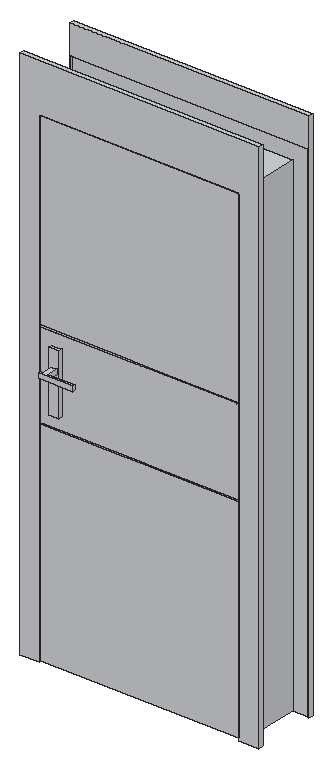
Revit family
Parameters (values of type "PN 80")
  Rough Height = 2055 mm
  URL = "www.porta.com.pl"
  Rough Width = 880 mm
  Ss = 818 mm
  Manufacturer = "PORTA KMI POLAND"
  Keynote = ""
  Description = "Biblioteki CAD produktów firmy PORTA KMI POLAND S.A. wraz z ich wizualizacjami są chronione prawami własności przemysłowej i intelektualnej. Można je wykorzystywać do handlowych celów osobistych poprzez zastosowanie w projektach, jednak nie wolno ich powielać, modyfikować, licencjonować ani publikować, w całości ani w części, chyba że celem przeglądania, bez uprzedniej pisemnej zgody PORTA KMI Poland sp.z.o.o. www.porta.com.pl "
  Height = 2016 mm
  Wall Closure = (empty or 0)
  Width = 802 mm
  Model = "Porta LEVEL"
  Materiał_skrzydło_2 = none
  Materiał_skrzydło_1 [instance] = none
  Materiał_paski = none
  Materiał_ościeżnica [instance] = none
  Materiał_klamka [instance] = none
  Informacja = ""
  Hs = 2017 mm
  Function = (empty or 0)
Reference planes
  plane 1: y = 0
  plane 2 "Środek (Lewa/Prawa)": x = 0
  plane 3 "Lewy": x = -440
  plane 4 "Prawy": x = 440
  plane 5: z = 2055
  plane 6 "Zewnętrzna": y = 120
  plane 7 "Wewnętrzna": y = -120
  plane 8: x = -401
  plane 9: y = -138.9
  plane 10: x = -494.4
  plane 11: x = 494.4
Forms (mm)
  Sweep 1, solid, material <- "Materiał_ościeżnica"
    path in 3D
      loop
        line (-440, -120, 0) -> (-440, -120, 2055) -> (440, -120, 2055) -> (440, -120, 0)
    profile origin (-440, -120, 1027.5) x (0, -1, 0) y (1, 0, 0)
      loop
        line (-240, -54.4) -> (-240, -49.7) -> (-243.2, -49.7) -> (-243.2, 16.3) -> (3.2, 16.3) -> (3.2, -49.7) -> (0, -49.7) -> (0, -54.4) -> (18.9, -54.4) -> (18.9, 27) -> (-26.7, 27) -> (-26.7, 39) -> (-243.2, 39) -> (-243.2, 27) -> (-258.9, 27) -> (-258.9, -54.4) -> (-240, -54.4)
  Extrusion 2, solid, material <- "Materiał_ościeżnica"
    sketch origin (-359, -94.5, 2024.974) x (0, 0, -1) y (0, -1, 0)
      loop
        line (-203.026, -233.4) -> (-84.426, -233.4) -> (-84.426, -214.5) -> (-203.026, -214.5) -> (-203.026, -233.4)
    from -853.4 to 135.4
  Extrusion 3, solid, material <- "Materiał_ościeżnica"
    sketch origin (-359, -94.5, 2024.974) x (0, 0, -1) y (0, -1, 0)
      loop
        line (-203.026, 44.4) -> (-203.026, 25.5) -> (-84.426, 25.5) -> (-84.426, 44.4) -> (-203.026, 44.4)
    from -853.4 to 135.4
Cuts and joins
  joined: Sweep 1, Extrusion 2, Extrusion 3
Lines and regions (mm)
  Opening 1
    outline origin (-3050, -120, 0) x (1, 0, 0) y (0, 0, 1)
      loop
        line (2610, 0) -> (3490, 0) -> (3490, 2055) -> (2610, 2055) -> (2610, 0)
  sketch lines
    curve 1: line (-440, -120, 0) -> (-440, -120, 2055)
    curve 2: line (-440, -120, 2055) -> (440, -120, 2055)
    curve 3: line (440, -120, 2055) -> (440, -120, 0)
  symbolic lines, style "DoorsPanelProjection"
    curve 4: line (409, -120, 0) -> (409, -938, 0)
    curve 5: line (409, -938, 0) -> (369, -938, 0)
    curve 6: line (369, -938, 0) -> (369, -120, 0)
    curve 7: line (369, -120, 0) -> (409, -120, 0)
  symbolic lines, style "Ugięcie rzutu"
    curve 8: arc (-409, -120, 0) -> (-169.413, -698.413, 0) -> (409, -938, 0) r 818
Text (mm)
  text "Zewnętrzna" at (-2295.016, 1099.543, 0), in view "Poziom odniesienia"
  text "Zewnętrzna" at (0, 1615.38, 3698.081), in view "Lewy"
  text "Zewnętrzna" at (0, 1036.032, 3874.932), in view "Prawy"
Dimensions and locks
  equal spacing: plane 3 "Lewy", plane 2 "Środek (Lewa/Prawa)", plane 4 "Prawy"
  "Rough Width": plane 3 "Lewy" to plane 4 "Prawy"
  "Rough Height": plane 5 to host wall
  host wall to plane 5 = 2055 mm  (x2)
  locked: plane 6 "Zewnętrzna" to host wall at 0
  locked: plane 7 "Wewnętrzna" to host wall
  locked: curve 6 to curve 4 at 40
  "Ss": curve 5 to curve 7
  equal spacing: curve 8, plane 2 "Środek (Lewa/Prawa)", curve 4
  equal spacing: nested 1, plane 2 "Środek (Lewa/Prawa)", nested 1
  locked: nested 1 to level at 8
  locked: plane 3 "Lewy" to plane 8 at 39
  locked: plane 6 "Zewnętrzna" to Sweep 1 sketch curve at 18.9
  locked: profile plane to Sweep 1 sketch curve at 27
  locked: Sweep 1 sketch curve to plane 8 at 22.7
  locked: Sweep 1 sketch curve to profile plane at 26.7
  locked: profile plane to Sweep 1 sketch curve at 18.9
  locked: Sweep 1 sketch curve to profile plane at 54.4  (x2)
  locked: plane 9 to host wall at 18.9
  locked: plane 10 to plane 3 "Lewy" at 54.4
  locked: plane 4 "Prawy" to plane 11 at 54.4
  aligned and locked: plane 3 "Lewy" to Opening 1 sketch curve
  aligned and locked: plane 5 to Opening 1 sketch curve  (x2)
  aligned and locked: Opening 1 sketch curve to plane 4 "Prawy"
  aligned and locked: Opening 1 sketch curve to level
  aligned and locked: plane 1 to host wall
  aligned and locked: plane 7 "Wewnętrzna" to curve 7
  aligned and locked: Sweep 1 sketch curve to plane 6 "Zewnętrzna"
  aligned and locked: Sweep 1 sketch curve to profile plane
  aligned and locked: Sweep 1 sketch curve to plane 8
  aligned and locked: nested 1 to plane 9
  aligned and locked: Extrusion 2 sketch curve to Sweep 1  (x2)
  aligned and locked: host wall to Extrusion 2 sketch curve
  aligned and locked: Extrusion 3 sketch curve to plane 9
  aligned and locked: host wall to Extrusion 3 sketch curve
  aligned and locked: Extrusion 3 sketch curve to Sweep 1
  aligned and locked: Extrusion 3 sketch curve to Extrusion 2
  aligned and locked: plane 11 to Extrusion 3
  aligned and locked: plane 10 to Extrusion 3
  aligned and locked: plane 11 to Extrusion 2
  aligned and locked: plane 10 to Extrusion 2
Automatic sketch dimensions
  curve 8 to host wall = 0 mm
  Sweep 1 sketch curve to Sweep 1 sketch curve = 0 mm
  Sweep 1 sketch curve to Sweep 1 sketch curve = 3.2 mm
  Sweep 1 sketch curve to Sweep 1 sketch curve = 15.7 mm
  Sweep 1 sketch curve to Sweep 1 sketch curve = 4.7 mm  (x2)
  Sweep 1 sketch curve to Sweep 1 sketch curve = 10.7 mm
  Extrusion 2 sketch curve to plane 5 = 173 mm
Nested families
  nested 1: "skrzydło" at (0, -105.4, 0), type "skrzydło"
Definition of nested family "skrzydło"
  Parameters (values of type "skrzydło")
    Ss = 818 mm
    Materiał_skrzydło_2 = none
    Materiał_skrzydło_1 = none
    Materiał_paski = none
    Materiał_klamka = none
    Assembly Code = ""
    Hs = 2017 mm
  Reference planes
    plane 1 "Tył": y = 6.5
    plane 2: z = 0
    plane 3 "Środek (Lewa/Prawa)": x = 0
    plane 4 "Lewa": x = -409
    plane 5 "Prawa": x = 409
    plane 6 "Przód": y = -33.5
    plane 7: z = 2025
    plane 8 "Centrum": y = -13.5
    plane 9: z = 8
  Forms (mm)
    Extrusion 1, solid, material <- "Materiał_skrzydło_1"
      sketch origin (0, -33.5, 0) x (-1, 0, 0) y (0, 0, 1)
        loop
          line (409, 883.3) -> (-409, 883.3) -> (-409, 8) -> (409, 8) -> (409, 883.3)
      from 0 to 40
    Extrusion 2, solid, material <- "Materiał_skrzydło_1"
      sketch origin (-2140.117, -33.5, 1200) x (-1, 0, 0) y (0, 0, 1)
        loop
          line (-1731.117, 825) -> (-2549.117, 825) -> (-2549.117, 51.7) -> (-1731.117, 51.7) -> (-1731.117, 825)
      from 0 to 40
    Extrusion 3, solid, material <- "Materiał_skrzydło_2"
      sketch origin (-2140.117, -33.5, 1200) x (-1, 0, 0) y (0, 0, 1)
        loop
          line (-1731.117, 51.7) -> (-2549.117, 51.7) -> (-2549.117, -316.7) -> (-1731.117, -316.7) -> (-1731.117, 51.7)
      from 0 to 40
    Extrusion 4, void
      sketch origin (0, 0, 0) x (0, -1, 0) y (0, 0, 1)
        loop
          line (-4.5, 1251.7) -> (-6.5, 1251.7) -> (-6.5, 1245.7) -> (-4.5, 1245.7) -> (-4.5, 1251.7)
        loop
          line (33.5, 1245.7) -> (33.5, 1251.7) -> (31.5, 1251.7) -> (31.5, 1245.7) -> (33.5, 1245.7)
        loop
          line (-6.5, 883.3) -> (-4.5, 883.3) -> (-4.5, 889.3) -> (-6.5, 889.3) -> (-6.5, 883.3)
        loop
          line (31.5, 883.3) -> (33.5, 883.3) -> (33.5, 889.3) -> (31.5, 889.3) -> (31.5, 883.3)
      from -409 to 409
    Extrusion 5, solid, material <- "Materiał_paski"
      sketch origin (0, 0, 0) x (0, 1, 0) y (0, 0, 1)
        loop
          line (6.5, 889.3) -> (4.5, 889.3) -> (4.5, 883.3) -> (6.5, 883.3) -> (6.5, 889.3)
        loop
          line (-31.5, 883.3) -> (-31.5, 889.3) -> (-33.5, 889.3) -> (-33.5, 883.3) -> (-31.5, 883.3)
        loop
          line (6.5, 1251.7) -> (4.5, 1251.7) -> (4.5, 1245.7) -> (6.5, 1245.7) -> (6.5, 1251.7)
        loop
          line (-33.5, 1245.7) -> (-31.5, 1245.7) -> (-31.5, 1251.7) -> (-33.5, 1251.7) -> (-33.5, 1245.7)
      from -409 to 409
  Cuts and joins
    Extrusion 4 cuts Extrusion 1
    Extrusion 4 cuts Extrusion 2
    Extrusion 4 cuts Extrusion 3
  Dimensions and locks
    equal spacing: plane 4 "Lewa", plane 3 "Środek (Lewa/Prawa)", plane 5 "Prawa"
    "Ss": plane 4 "Lewa" to plane 5 "Prawa"
    locked: plane 9 to level at 8
    "Hs": plane 7 to plane 9
    locked: nested 1 to plane 9 at 934
    locked: plane 9 to nested 3 at 934
    equal spacing: plane 6 "Przód", plane 8 "Centrum", plane 1 "Tył"
    aligned and locked: Extrusion 1 sketch curve to plane 9
    aligned and locked: nested 1 to plane 6 "Przód"
    aligned and locked: Extrusion 1 sketch curve to plane 5 "Prawa"
    aligned and locked: Extrusion 1 sketch curve to plane 4 "Lewa"
    aligned and locked: plane 3 "Środek (Lewa/Prawa)" to nested 2
    aligned and locked: plane 4 "Lewa" to Extrusion 2 sketch curve
    aligned and locked: plane 7 to Extrusion 2 sketch curve
    aligned and locked: plane 5 "Prawa" to Extrusion 2 sketch curve
    aligned and locked: plane 4 "Lewa" to Extrusion 3 sketch curve
    aligned and locked: plane 5 "Prawa" to Extrusion 3 sketch curve
    aligned and locked: Extrusion 3 sketch curve to Extrusion 1
    aligned and locked: Extrusion 3 sketch curve to Extrusion 2
    aligned and locked: Extrusion 3 to Extrusion 4 sketch curve  (x3)
    aligned and locked: Extrusion 4 sketch curve to Extrusion 3  (x4)
    aligned and locked: plane 5 "Prawa" to cut or joined group of Extrusion 3, Extrusion 4
    aligned and locked: cut or joined group of Extrusion 3, Extrusion 4 to plane 4 "Lewa"
    aligned and locked: Extrusion 5 sketch curve to cut or joined group of Extrusion 3, Extrusion 4  (x8)
    aligned and locked: Extrusion 5 sketch curve to cut or joined group of Extrusion 1, Extrusion 4
    aligned and locked: plane 1 "Tył" to Extrusion 5 sketch curve  (x2)
    aligned and locked: plane 6 "Przód" to Extrusion 5 sketch curve  (x2)
    aligned and locked: cut or joined group of Extrusion 2, Extrusion 4 to Extrusion 5 sketch curve
    aligned and locked: Extrusion 5 sketch curve to cut or joined group of Extrusion 2, Extrusion 4
    aligned and locked: plane 5 "Prawa" to Extrusion 5
    aligned and locked: Extrusion 5 to plane 4 "Lewa"
  Automatic sketch dimensions
    Extrusion 2 sketch curve to plane 7 = 773.3 mm
    Extrusion 1 sketch curve to Extrusion 1 sketch curve = 875.3 mm
    plane 1 "Tył" to Extrusion 4 sketch curve = 2 mm  (x2)
    plane 6 "Przód" to Extrusion 4 sketch curve = 2 mm  (x2)
    Extrusion 4 sketch curve to Extrusion 4 sketch curve = 6 mm  (x4)
    Extrusion 4 sketch curve to plane 1 "Tył" = 0 mm
    Extrusion 5 sketch curve to Extrusion 5 sketch curve = 6 mm
  Nested families
    nested 1: "KLAMKA" at (-341, -33.5, 1067), Materiał klamki <- "Materiał_klamka", type "KLAMKA"
      with Materiał klamki none
    nested 2: "logo_porta" at (0, 6.5, 110) x (1, 0, 0) z (0, -1, 0), type "logo_porta"
    nested 3: "KLAMKA" at (-341, 6.5, 1067), Materiał klamki <- "Materiał_klamka", type "KLAMKA"
      with Materiał klamki none
  Definition of nested family "KLAMKA"
    Parameters (values of type "KLAMKA")
      Materiał klamki [instance] = none
      Assembly Code = ""
      Default Elevation = 1219.2 mm
    Reference planes
      plane 1 "Center (Front/Back)": y = 0
      plane 2: z = 0
      plane 3 "Center (Left/Right)": x = 0
      plane 4: z = 125
      plane 5: z = -125
      plane 6: x = 20
      plane 7: x = -20
      plane 8: y = -70
      plane 9: y = -60
      plane 10: x = 10
      plane 11: x = -10
      plane 12: x = 120
      plane 13: z = 35
      plane 14: z = 55
      plane 15: y = -15
    Forms (mm)
      Extrusion 1, solid, material <- "Materiał klamki"
        sketch origin (0, 0, 0) x (1, 0, 0) y (0, 0, 1)
          loop
            line (-20, 125) -> (-20, -125) -> (20, -125) -> (20, 125) -> (-20, 125)
        from 0 to 15
      Extrusion 2, solid, material <- "Materiał klamki"
        sketch origin (0, 0, 0) x (1, 0, 0) y (0, 1, 0)
          loop
            line (-10, -15) -> (-10, -60) -> (-20, -60) -> (-20, -70) -> (120, -70) -> (120, -60) -> (10, -60) -> (10, -15) -> (-10, -15)
        from 35 to 55
    Dimensions and locks
      equal spacing: plane 4, plane 2, plane 5
      plane 4 to plane 5 = 250 mm
      equal spacing: plane 7, plane 3 "Center (Left/Right)", plane 6
      plane 7 to plane 6 = 40 mm
      plane 8 to plane 1 "Center (Front/Back)" = 70 mm
      plane 11 to plane 3 "Center (Left/Right)" to plane 10 = 10 mm locked, 10 mm locked
      plane 7 to plane 12 = 140 mm
      plane 15 to plane 1 "Center (Front/Back)" = 15 mm
      aligned and locked: plane 7 to Extrusion 1 sketch curve
      aligned and locked: Extrusion 1 sketch curve to plane 4
      aligned and locked: plane 5 to Extrusion 1 sketch curve
      aligned and locked: Extrusion 1 sketch curve to plane 6
      aligned and locked: plane 15 to Extrusion 1
      aligned and locked: Extrusion 1 to plane 1 "Center (Front/Back)"
      aligned and locked: plane 14 to Extrusion 2
      aligned and locked: Extrusion 2 to plane 13
    Automatic sketch dimensions
      Extrusion 2 sketch curve to plane 7 = 0 mm
      Extrusion 2 sketch curve to plane 9 = 0 mm  (x2)
      Extrusion 2 sketch curve to plane 11 = 0 mm
      Extrusion 2 sketch curve to plane 10 = 0 mm
      Extrusion 2 sketch curve to plane 12 = 0 mm
      Extrusion 2 sketch curve to plane 8 = 0 mm
      Extrusion 2 sketch curve to plane 15 = 0 mm
  Definition of nested family "logo_porta"
    Reference planes
      plane 1 "Środek (Przód/Tył)": y = 0
      plane 2: z = 0
      plane 3 "Środek (Lewa/Prawa)": x = 0
